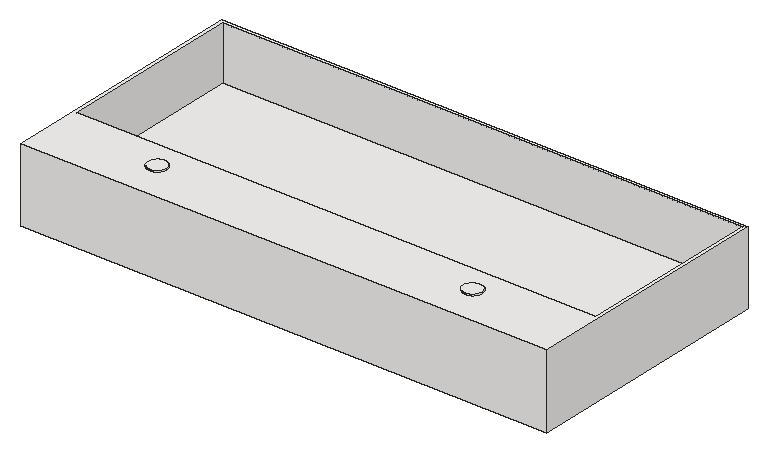
Revit family "Washbasins-hansgrohe-61110XXX-Xevolos E Washbasin 1000_480 with 2 tap holes without overflow, SmartClean", category Plumbing Fixtures, Revit 2019
Family settings
  Round Connector Dimension = Use Diameter
  Part Type = Valve - Breaks Into
  OmniClass Number = 23.31.13.00
  Work Plane-Based = No
  Always vertical = Yes
  Cut with Voids When Loaded = No
  Shared = Yes
  Room Calculation Point = No
Parameters (values of type "61110-61110450-GLOSSY_WHITE-200")
  X2 = 560
  X1 = 280
  WEIGHT = "24"
  UNSPSC = "301815 | Sanitary ware"
  UNIFORMATII = "D2010 | Plumbing Fixtures"
  UNICLASS_2015_CODE = "40_20_96"
  UNICLASS2015 = "Pr_40_20_96 | Wash basins, sinks and troughs"
  TYP = 1
  TAP = 2
  SURFACE = "GLOSSY_WHITE"
  SPECIFICATION = "Surfaces:  - 61110450 White   Specification:  • consists of: washbasin, waste set, cover  • material: ceramic  • SmartClean: dirt-repellent glaze • degree of gloss: glossy  • ceramic cover included • with 2 tap holes • without overflow • without shelf • non-closing waste set • 1000 x 480 mm • type of installation: wall mounted  • suitable for cabinet"
  REGION = "Worldwide"
  PRODUCTURL = "https://pro.hansgrohe.com/articledetail--61110450"
  PRODUCTGROUP = "Washbasins"
  PRODUCTFAMILY = "Xevolos E"
  PERMALINK = "61110XXX"
  OMNICLASS = "23-31 13 00 | Sinks"
  OBJECTTYPE = "Object (single object)"
  NN = "Xevolos Washbasin"
  NBSYN = "$BASENUMBER.-$ARTNR.-$SURFACE.-$LODLEVEL."
  NB = "61110-61110450-GLOSSY_WHITE-200"
  NAME = "Xevolos E Washbasin 1000/480 with 2 tap holes without overflow, SmartClean"
  Model = "61110-61110450-GLOSSY_WHITE-200"
  Manufacturer = "Hansgrohe"
  MIdent = "{$CADENAS_DATA/23d-libs/hansgrohe/xevolos_washbasin/xevolos_washbasin.prj},222 {VTYP=3D},{NB=61110-61110450-GLOSSY_WHITE-200},{LINA=61110-61110450-GLOSSY_WHITE-200},{NN=Xevolos Washbasin},{DATE=13.03.2023 11:34:45},{GEOMDATE=13.03.2023 11:34:00},{VERSION=},{LINEID=870},{WBVAR=LODLEVEL},{WBNUMERIC=}  {NB=61110-61110450-GLOSSY_WHITE-200},{LINA=61110-61110450-GLOSSY_WHITE-200},{KT=DUMMY},{IDNR=15},{ARTNR=61110450},{BASENUMBER=61110},{MODEL=61110XXX},{SURFACE=GLOSSY_WHITE},{LODLEVEL=200},{LODLEVELX='400','400','200','200'},{L=1000.000},{LI=750.000},{X1=280.000},{X2=560.000},{DO=46.000},{DOT=35.000},{TAP=2},{TYP=1},{NAME=Xevolos E Washbasin 1000/480 with 2 tap holes without overflow, SmartClean},{PERMALINK=61110XXX},{OBJECTTYPE=Object (single object)},{BIMOBJECT=Sanitary: Wash Basins},{PRODUCTFAMILY=Xevolos E},{PRODUCTGROUP=Washbasins},{WEIGHT=24},{DESCRIPTION=Xevolos E Washbasin 1000/480 with 2 tap holes without overflow, SmartClean},{SPECIFICATION=Surfaces:  - 61110450 White   Specification:  • consists of: washbasin, waste set, cover  • material: ceramic  • SmartClean: dirt-repellent glaze • degree of gloss: glossy  • ceramic cover included • with 2 tap holes • without overflow • without shelf • non-closing waste set • 1000 x 480 mm • type of installation: wall mounted  • suitable for cabinet},{PRODUCTURL=https://pro.hansgrohe.com/articledetail--61110450},{GTINCODE=4059625421093},{IFC=Sanitary Terminal},{ETIM=EC011550 | Washbasin},{UNICLASS2015=Pr_40_20_96 | Wash basins, sinks and troughs},{OMNICLASS=23-31 13 00 | Sinks},{MASTERFORMAT=22 41 16.13 | Residential Lavatories},{UNSPSC=301815 | Sanitary ware},{UNIFORMATII=D2010 | Plumbing Fixtures},{REGION=Worldwide},{DESIGN=Germany},{MANUFACTURER=Germany}"
  MASTERFORMAT = "22 41 16.13 | Residential Lavatories"
  LODLEVEL = "200"
  LINA = "61110-61110450-GLOSSY_WHITE-200"
  LI = 750
  L = 1000
  IFC = "Sanitary Terminal"
  GTINCODE = "4059625421093"
  ETIM = "EC011550 | Washbasin"
  DOT = 35
  DO = 46
  DESIGN = "Germany"
  CNSPipeRound/cp_Befestigungsanschluss_V = no
  CNSPipeRound/cp_Befestigungsanschluss_1_V = no
  CNSPipeRound/cp_Ausgang_1_V = no
  CATALOG = "Hansgrohe"
  BIMOBJECT = "Sanitary: Wash Basins"
  BASENUMBER = "61110"
  ARTNR = "61110450"
  61110-61110450-GLOSSY_WHITE-400_RX0RY0RZ0TX0TY0TZ0_V = no
  61110-61110450-GLOSSY_WHITE-200_RX0RY0RZ0TX0TY0TZ0_V = yes
Types (3, lengths in mm): name | NB | Model | MIdent | LODLEVEL | LINA | 61110-61110450-GLOSSY_WHITE-400_RX0RY0RZ0TX0TY0TZ0_V | 61110-61110450-GLOSSY_WHITE-200_RX0RY0RZ0TX0TY0TZ0_V
  (no name) | "61110-61110450-GLOSSY_WHITE-400" | "61110-61110450-GLOSSY_WHITE-400" | "{$CADENAS_DATA/23d-libs/hansgrohe/xevolos_washbasin/xevolos_washbasin.prj},222 {VTYP=3D},{NB=61110-61110450-GLOSSY_WHITE-400},{LINA=61110-61110450-GLOSSY_WHITE-400},{NN=Xevolos Washbasin},{DATE=13.03.2023 11:34:45},{GEOMDATE=13.03.2023 11:34:00},{VERSION=},{LINEID=870},{WBVAR=LODLEVEL},{WBNUMERIC=}  {NB=61110-61110450-GLOSSY_WHITE-400},{LINA=61110-61110450-GLOSSY_WHITE-400},{KT=DUMMY},{IDNR=15},{ARTNR=61110450},{BASENUMBER=61110},{MODEL=61110XXX},{SURFACE=GLOSSY_WHITE},{LODLEVEL=400},{LODLEVELX='400','400','200','200'},{L=1000.000},{LI=750.000},{X1=280.000},{X2=560.000},{DO=46.000},{DOT=35.000},{TAP=2},{TYP=1},{NAME=Xevolos E Washbasin 1000/480 with 2 tap holes without overflow, SmartClean},{PERMALINK=61110XXX},{OBJECTTYPE=Object (single object)},{BIMOBJECT=Sanitary: Wash Basins},{PRODUCTFAMILY=Xevolos E},{PRODUCTGROUP=Washbasins},{WEIGHT=24},{DESCRIPTION=Xevolos E Washbasin 1000/480 with 2 tap holes without overflow, SmartClean},{SPECIFICATION=Surfaces:  - 61110450 White   Specification:  • consists of: washbasin, waste set, cover  • material: ceramic  • SmartClean: dirt-repellent glaze • degree of gloss: glossy  • ceramic cover included • with 2 tap holes • without overflow • without shelf • non-closing waste set • 1000 x 480 mm • type of installation: wall mounted  • suitable for cabinet},{PRODUCTURL=https://pro.hansgrohe.com/articledetail--61110450},{GTINCODE=4059625421093},{IFC=Sanitary Terminal},{ETIM=EC011550 | Washbasin},{UNICLASS2015=Pr_40_20_96 | Wash basins, sinks and troughs},{OMNICLASS=23-31 13 00 | Sinks},{MASTERFORMAT=22 41 16.13 | Residential Lavatories},{UNSPSC=301815 | Sanitary ware},{UNIFORMATII=D2010 | Plumbing Fixtures},{REGION=Worldwide},{DESIGN=Germany},{MANUFACTURER=Germany}" | "400" | "61110-61110450-GLOSSY_WHITE-400" | yes | yes
  61110-61110450-GLOSSY_WHITE-200 | "61110-61110450-GLOSSY_WHITE-200" | "61110-61110450-GLOSSY_WHITE-200" | "{$CADENAS_DATA/23d-libs/hansgrohe/xevolos_washbasin/xevolos_washbasin.prj},222 {VTYP=3D},{NB=61110-61110450-GLOSSY_WHITE-200},{LINA=61110-61110450-GLOSSY_WHITE-200},{NN=Xevolos Washbasin},{DATE=13.03.2023 11:34:45},{GEOMDATE=13.03.2023 11:34:00},{VERSION=},{LINEID=870},{WBVAR=LODLEVEL},{WBNUMERIC=}  {NB=61110-61110450-GLOSSY_WHITE-200},{LINA=61110-61110450-GLOSSY_WHITE-200},{KT=DUMMY},{IDNR=15},{ARTNR=61110450},{BASENUMBER=61110},{MODEL=61110XXX},{SURFACE=GLOSSY_WHITE},{LODLEVEL=200},{LODLEVELX='400','400','200','200'},{L=1000.000},{LI=750.000},{X1=280.000},{X2=560.000},{DO=46.000},{DOT=35.000},{TAP=2},{TYP=1},{NAME=Xevolos E Washbasin 1000/480 with 2 tap holes without overflow, SmartClean},{PERMALINK=61110XXX},{OBJECTTYPE=Object (single object)},{BIMOBJECT=Sanitary: Wash Basins},{PRODUCTFAMILY=Xevolos E},{PRODUCTGROUP=Washbasins},{WEIGHT=24},{DESCRIPTION=Xevolos E Washbasin 1000/480 with 2 tap holes without overflow, SmartClean},{SPECIFICATION=Surfaces:  - 61110450 White   Specification:  • consists of: washbasin, waste set, cover  • material: ceramic  • SmartClean: dirt-repellent glaze • degree of gloss: glossy  • ceramic cover included • with 2 tap holes • without overflow • without shelf • non-closing waste set • 1000 x 480 mm • type of installation: wall mounted  • suitable for cabinet},{PRODUCTURL=https://pro.hansgrohe.com/articledetail--61110450},{GTINCODE=4059625421093},{IFC=Sanitary Terminal},{ETIM=EC011550 | Washbasin},{UNICLASS2015=Pr_40_20_96 | Wash basins, sinks and troughs},{OMNICLASS=23-31 13 00 | Sinks},{MASTERFORMAT=22 41 16.13 | Residential Lavatories},{UNSPSC=301815 | Sanitary ware},{UNIFORMATII=D2010 | Plumbing Fixtures},{REGION=Worldwide},{DESIGN=Germany},{MANUFACTURER=Germany}" | "200" | "61110-61110450-GLOSSY_WHITE-200" | no | yes
  61110-61110450-GLOSSY_WHITE-400 | "61110-61110450-GLOSSY_WHITE-400" | "61110-61110450-GLOSSY_WHITE-400" | "{$CADENAS_DATA/23d-libs/hansgrohe/xevolos_washbasin/xevolos_washbasin.prj},222 {VTYP=3D},{NB=61110-61110450-GLOSSY_WHITE-400},{LINA=61110-61110450-GLOSSY_WHITE-400},{NN=Xevolos Washbasin},{DATE=13.03.2023 11:34:45},{GEOMDATE=13.03.2023 11:34:00},{VERSION=},{LINEID=870},{WBVAR=LODLEVEL},{WBNUMERIC=}  {NB=61110-61110450-GLOSSY_WHITE-400},{LINA=61110-61110450-GLOSSY_WHITE-400},{KT=DUMMY},{IDNR=15},{ARTNR=61110450},{BASENUMBER=61110},{MODEL=61110XXX},{SURFACE=GLOSSY_WHITE},{LODLEVEL=400},{LODLEVELX='400','400','200','200'},{L=1000.000},{LI=750.000},{X1=280.000},{X2=560.000},{DO=46.000},{DOT=35.000},{TAP=2},{TYP=1},{NAME=Xevolos E Washbasin 1000/480 with 2 tap holes without overflow, SmartClean},{PERMALINK=61110XXX},{OBJECTTYPE=Object (single object)},{BIMOBJECT=Sanitary: Wash Basins},{PRODUCTFAMILY=Xevolos E},{PRODUCTGROUP=Washbasins},{WEIGHT=24},{DESCRIPTION=Xevolos E Washbasin 1000/480 with 2 tap holes without overflow, SmartClean},{SPECIFICATION=Surfaces:  - 61110450 White   Specification:  • consists of: washbasin, waste set, cover  • material: ceramic  • SmartClean: dirt-repellent glaze • degree of gloss: glossy  • ceramic cover included • with 2 tap holes • without overflow • without shelf • non-closing waste set • 1000 x 480 mm • type of installation: wall mounted  • suitable for cabinet},{PRODUCTURL=https://pro.hansgrohe.com/articledetail--61110450},{GTINCODE=4059625421093},{IFC=Sanitary Terminal},{ETIM=EC011550 | Washbasin},{UNICLASS2015=Pr_40_20_96 | Wash basins, sinks and troughs},{OMNICLASS=23-31 13 00 | Sinks},{MASTERFORMAT=22 41 16.13 | Residential Lavatories},{UNSPSC=301815 | Sanitary ware},{UNIFORMATII=D2010 | Plumbing Fixtures},{REGION=Worldwide},{DESIGN=Germany},{MANUFACTURER=Germany}" | "400" | "61110-61110450-GLOSSY_WHITE-400" | yes | no
Reference planes
  plane 1 "Center (Front/Back)": y = 0
  plane 2: z = 0
  plane 3 "Center (Left/Right)": x = 0
Dimensions and locks
  aligned and locked: level to plane 2
Nested families
  nested 1: "61110-61110450-glossy_white-200_content" at (0, 0, 0), visible <- "61110-61110450-GLOSSY_WHITE-200_RX0RY0RZ0TX0TY0TZ0_V", ContentVisible <- "61110-61110450-GLOSSY_WHITE-200_RX0RY0RZ0TX0TY0TZ0_V", type "61110-61110450-GLOSSY_WHITE-200_Content"
    with ContentVisible yes
  nested 2: "61110-61110450-glossy_white-400_content" at (0, 0, 0), visible <- "61110-61110450-GLOSSY_WHITE-400_RX0RY0RZ0TX0TY0TZ0_V", ContentVisible <- "61110-61110450-GLOSSY_WHITE-400_RX0RY0RZ0TX0TY0TZ0_V", type "61110-61110450-GLOSSY_WHITE-400_Content"
    with ContentVisible no
  nested 3: "ConnectorHost2019" at (-300, -220, 0), visible <- "CNSPipeRound/cp_Ausgang_1_V", type "ConnectorHost2019"
    with Visible no, TransZ 0 mm, TransY 220 mm, TransX 300 mm, ScaleZ 1 mm, ScaleY 1 mm, ScaleX 1 mm, RotZ 180.00°, RotY 360.00°, RotX 180.00°
  nested 4: "ConnectorHost2019" at (-301, -220, 0), visible <- "CNSPipeRound/cp_Befestigungsanschluss_V", type "ConnectorHost2019"
    with Visible no, TransZ 147 mm, TransY 0 mm, TransX 1 mm, ScaleZ 1 mm, ScaleY 1 mm, ScaleX 1 mm, RotZ 180.00°, RotY 360.00°, RotX 360.00°
  nested 5: "ConnectorHost2019" at (-302, -220, 0), visible <- "CNSPipeRound/cp_Befestigungsanschluss_1_V", type "ConnectorHost2019"
    with Visible no, TransZ 147 mm, TransY 0 mm, TransX 602 mm, ScaleZ 1 mm, ScaleY 1 mm, ScaleX 1 mm, RotZ 180.00°, RotY 360.00°, RotX 360.00°
Connectors
  piping at (0, 0, 0), diameter 46
    settings: on nested 3, index 1, connector inside diameter 609.6 mm, connector length 0 mm, flow factor 0, pipe flow 0.0 L/s, pressure drop 0.0 Pa, fitting loss kfactor 0, connector angle 0.00°, fixture units 0, engagement length 0 mm, angle of deflection 0.00°, flow configuration 0, flow direction 2, fitting loss method 0, system type 29, joint type 0, gender type 0, connector reference index -1, connector utility 0, adjustable connector no, is connector primary yes, connector description ""
  piping at (-300, -220, 147), diameter 35
    settings: on nested 4, index 2, connector inside diameter 609.6 mm, connector length 0 mm, flow factor 0, pipe flow 0.0 L/s, pressure drop 0.0 Pa, fitting loss kfactor 0, connector angle 0.00°, fixture units 0, engagement length 0 mm, angle of deflection 0.00°, flow configuration 0, flow direction 2, fitting loss method 0, system type 29, joint type 0, gender type 0, connector reference index -1, connector utility 0, adjustable connector no, is connector primary no, connector description ""
  piping at (300, -220, 147), diameter 35
    settings: on nested 5, index 3, connector inside diameter 609.6 mm, connector length 0 mm, flow factor 0, pipe flow 0.0 L/s, pressure drop 0.0 Pa, fitting loss kfactor 0, connector angle 0.00°, fixture units 0, engagement length 0 mm, angle of deflection 0.00°, flow configuration 0, flow direction 2, fitting loss method 0, system type 29, joint type 0, gender type 0, connector reference index -1, connector utility 0, adjustable connector no, is connector primary no, connector description ""
Definition of nested family "61110-61110450-glossy_white-200_content"
  Parameters (values of type "61110-61110450-GLOSSY_WHITE-200_Content")
    X2 = 560
    X1 = 280
    WEIGHT = "24"
    UNSPSC = "301815 | Sanitary ware"
    UNIFORMATII = "D2010 | Plumbing Fixtures"
    UNICLASS_2015_CODE = "40_20_96"
    UNICLASS2015 = "Pr_40_20_96 | Wash basins, sinks and troughs"
    TYP = 1
    TAP = 2
    SURFACE = "GLOSSY_WHITE"
    SPECIFICATION = "Surfaces:  - 61110450 White   Specification:  • consists of: washbasin, waste set, cover  • material: ceramic  • SmartClean: dirt-repellent glaze • degree of gloss: glossy  • ceramic cover included • with 2 tap holes • without overflow • without shelf • non-closing waste set • 1000 x 480 mm • type of installation: wall mounted  • suitable for cabinet"
    REGION = "Worldwide"
    PRODUCTURL = "https://pro.hansgrohe.com/articledetail--61110450"
    PRODUCTGROUP = "Washbasins"
    PRODUCTFAMILY = "Xevolos E"
    PERMALINK = "61110XXX"
    OMNICLASS = "23-31 13 00 | Sinks"
    OBJECTTYPE = "Object (single object)"
    NN = "Xevolos Washbasin"
    NBSYN = "$BASENUMBER.-$ARTNR.-$SURFACE.-$LODLEVEL."
    NB = "61110-61110450-GLOSSY_WHITE-200"
    NAME = "Xevolos E Washbasin 1000/480 with 2 tap holes without overflow, SmartClean"
    Model = "61110-61110450-GLOSSY_WHITE-200"
    Manufacturer = "Hansgrohe"
    MASTERFORMAT = "22 41 16.13 | Residential Lavatories"
    LODLEVEL = "200"
    LINA = "61110-61110450-GLOSSY_WHITE-200"
    LI = 750
    L = 1000
    IFC = "Sanitary Terminal"
    GTINCODE = "4059625421093"
    ETIM = "EC011550 | Washbasin"
    Default Elevation = 1219.2 mm
    DOT = 35
    DO = 46
    DESIGN = "Germany"
    ContentVisible [instance] = yes
    CATALOG = "Hansgrohe"
    BIMOBJECT = "Sanitary: Wash Basins"
    BASENUMBER = "61110"
    ARTNR = "61110450"
  Reference planes
    plane 1 "Center (Front/Back)": y = 0
    plane 2: z = 0
    plane 3 "Center (Left/Right)": x = 0
  Forms (mm)
    Extrusion 1, solid, visible <- "ContentVisible", detail levels medium+fine
      sketch origin (0, -295, 147) x (-1, 0, 0) y (0, -1, 0)
        loop
          line (-500, -480) -> (500, -480) -> (500, 0) -> (-500, 0) -> (-500, -480)
      from -140 to 0
    Extrusion 2, void, detail levels medium+fine
      sketch origin (0, -295, 147) x (-1, 0, 0) y (0, -1, 0)
        loop
          line (-494, -126) -> (-494, -474) -> (494, -474) -> (494, -126) -> (-494, -126)
      from -102.5 to 0
    Extrusion 3, solid, visible <- "ContentVisible", detail levels medium+fine
      sketch origin (0, -295, 147) x (-1, 0, 0) y (0, -1, 0)
        loop
          circle (300, -75) r 17.5
      from -1.5 to 1.5
    Extrusion 4, solid, visible <- "ContentVisible", detail levels medium+fine
      sketch origin (0, -295, 147) x (-1, 0, 0) y (0, -1, 0)
        loop
          circle (-300, -75) r 17.5
      from -1.5 to 1.5
    Extrusion 5, solid, visible <- "ContentVisible", detail levels medium+fine
      sketch origin (0, -295, 7) x (-1, 0, 0) y (0, -1, 0)
        loop
          circle (0, -295) r 34
      from -10 to 0
    Extrusion 6, solid, visible <- "ContentVisible", detail levels coarse
      sketch origin (0, -55, -3) x (1, 0, 0) y (0, 1, 0)
        loop
          line (-500, -240) -> (500, -240) -> (500, 240) -> (-500, 240) -> (-500, -240)
      from 0 to 151.5
  Cuts and joins
    Extrusion 2 cuts Extrusion 1
  Dimensions and locks
    aligned and locked: level to plane 2
Definition of nested family "61110-61110450-glossy_white-400_content"
  Parameters (values of type "61110-61110450-GLOSSY_WHITE-400_Content")
    X2 = 560
    X1 = 280
    WEIGHT = "24"
    UNSPSC = "301815 | Sanitary ware"
    UNIFORMATII = "D2010 | Plumbing Fixtures"
    UNICLASS_2015_CODE = "40_20_96"
    UNICLASS2015 = "Pr_40_20_96 | Wash basins, sinks and troughs"
    TYP = 1
    TAP = 2
    SURFACE = "GLOSSY_WHITE"
    SPECIFICATION = "Surfaces:  - 61110450 White   Specification:  • consists of: washbasin, waste set, cover  • material: ceramic  • SmartClean: dirt-repellent glaze • degree of gloss: glossy  • ceramic cover included • with 2 tap holes • without overflow • without shelf • non-closing waste set • 1000 x 480 mm • type of installation: wall mounted  • suitable for cabinet"
    REGION = "Worldwide"
    PRODUCTURL = "https://pro.hansgrohe.com/articledetail--61110450"
    PRODUCTGROUP = "Washbasins"
    PRODUCTFAMILY = "Xevolos E"
    PERMALINK = "61110XXX"
    OMNICLASS = "23-31 13 00 | Sinks"
    OBJECTTYPE = "Object (single object)"
    NN = "Xevolos Washbasin"
    NBSYN = "$BASENUMBER.-$ARTNR.-$SURFACE.-$LODLEVEL."
    NB = "61110-61110450-GLOSSY_WHITE-400"
    NAME = "Xevolos E Washbasin 1000/480 with 2 tap holes without overflow, SmartClean"
    Model = "61110-61110450-GLOSSY_WHITE-400"
    Manufacturer = "Hansgrohe"
    MASTERFORMAT = "22 41 16.13 | Residential Lavatories"
    LODLEVEL = "400"
    LINA = "61110-61110450-GLOSSY_WHITE-400"
    LI = 750
    L = 1000
    IFC = "Sanitary Terminal"
    GTINCODE = "4059625421093"
    ETIM = "EC011550 | Washbasin"
    Default Elevation = 1219.2 mm
    DOT = 35
    DO = 46
    DESIGN = "Germany"
    ContentVisible [instance] = yes
    CATALOG = "Hansgrohe"
    BIMOBJECT = "Sanitary: Wash Basins"
    BASENUMBER = "61110"
    ARTNR = "61110450"
  Reference planes
    plane 1 "Center (Front/Back)": y = 0
    plane 2: z = 0
    plane 3 "Center (Left/Right)": x = 0
  Forms (mm)
    Extrusion 1, solid, visible <- "ContentVisible", detail levels medium+fine
      sketch origin (0, -295, 7) x (0, 0, -1) y (0, -1, 0)
        loop
          line (-140, -474) -> (-121, -474) -> (-62.906, -440.46)
          arc (-62.906, -440.46) -> (-37.353, -414.906) -> (-28, -380) r 69.813
          line (-28, -380) -> (-37.5, -380)
          arc (-37.5, -380) -> (-45.58, -410.156) -> (-67.656, -432.232) r 60.313
          line (-67.656, -432.232) -> (-140, -474)
      from -395 to 395
    Revolve 2, solid, visible <- "ContentVisible", detail levels medium+fine
      sketch origin (-395, -295, 7) x (0, 0, -1) y (0, -1, 0)
        loop
          line (-140, -474) -> (-121, -474) -> (-62.906, -440.46)
          arc (-62.906, -440.46) -> (-37.353, -414.906) -> (-28, -380) r 69.813
          line (-28, -380) -> (-37.5, -380)
          arc (-37.5, -380) -> (-45.58, -410.156) -> (-67.656, -432.232) r 60.313
          line (-67.656, -432.232) -> (-140, -474)
        axis (-140, -375) -> (-28, -375)
      angle from -90 to 0
    Extrusion 3, solid, visible <- "ContentVisible", detail levels medium+fine
      sketch origin (0, -70, 7) x (-1, 0, 0) y (0, 0, -1)
        loop
          line (400, -28) -> (400, -37.5)
          arc (400, -37.5) -> (430.156, -45.58) -> (452.232, -67.656) r 60.313
          line (452.232, -67.656) -> (494, -140) -> (494, -121) -> (460.46, -62.906)
          arc (460.46, -62.906) -> (434.906, -37.353) -> (400, -28) r 69.813
      from -150 to 0
    Revolve 4, solid, visible <- "ContentVisible", detail levels medium+fine
      sketch origin (-395, -295, 7) x (0, 0, -1) y (0, -1, 0)
        loop
          line (-140, -126) -> (-67.656, -167.768)
          arc (-67.656, -167.768) -> (-45.58, -189.844) -> (-37.5, -220) r 60.313
          line (-37.5, -220) -> (-28, -220)
          arc (-28, -220) -> (-37.353, -185.094) -> (-62.906, -159.54) r 69.813
          line (-62.906, -159.54) -> (-121, -126) -> (-140, -126)
        axis (-28, -225) -> (-140, -225)
      angle from -90 to 0
    Extrusion 5, solid, visible <- "ContentVisible", detail levels medium+fine
      sketch origin (0, -295, 7) x (0, 0, -1) y (0, -1, 0)
        loop
          line (-140, -126) -> (-67.656, -167.768)
          arc (-67.656, -167.768) -> (-45.58, -189.844) -> (-37.5, -220) r 60.313
          line (-37.5, -220) -> (-28, -220)
          arc (-28, -220) -> (-37.353, -185.094) -> (-62.906, -159.54) r 69.813
          line (-62.906, -159.54) -> (-121, -126) -> (-140, -126)
      from -395 to 395
    Revolve 6, solid, visible <- "ContentVisible", detail levels medium+fine
      sketch origin (395, -295, 7) x (0, 0, -1) y (0, -1, 0)
        loop
          line (-140, -126) -> (-67.656, -167.768)
          arc (-67.656, -167.768) -> (-45.58, -189.844) -> (-37.5, -220) r 60.313
          line (-37.5, -220) -> (-28, -220)
          arc (-28, -220) -> (-37.353, -185.094) -> (-62.906, -159.54) r 69.813
          line (-62.906, -159.54) -> (-121, -126) -> (-140, -126)
        axis (-28, -225) -> (-140, -225)
      angle from 0 to 90
    Extrusion 7, solid, visible <- "ContentVisible", detail levels medium+fine
      sketch origin (0, -70, 7) x (-1, 0, 0) y (0, 0, -1)
        loop
          line (-494, -121) -> (-494, -140) -> (-452.232, -67.656)
          arc (-452.232, -67.656) -> (-430.156, -45.58) -> (-400, -37.5) r 60.313
          line (-400, -37.5) -> (-400, -28)
          arc (-400, -28) -> (-434.906, -37.353) -> (-460.46, -62.906) r 69.813
          line (-460.46, -62.906) -> (-494, -121)
      from -150 to 0
    Revolve 8, solid, visible <- "ContentVisible", detail levels medium+fine
      sketch origin (395, -295, 7) x (0, 0, -1) y (0, -1, 0)
        loop
          line (-140, -474) -> (-121, -474) -> (-62.906, -440.46)
          arc (-62.906, -440.46) -> (-37.353, -414.906) -> (-28, -380) r 69.813
          line (-28, -380) -> (-37.5, -380)
          arc (-37.5, -380) -> (-45.58, -410.156) -> (-67.656, -432.232) r 60.313
          line (-67.656, -432.232) -> (-140, -474)
        axis (-140, -375) -> (-28, -375)
      angle from 0 to 90
    Extrusion 9, solid, visible <- "ContentVisible", detail levels medium+fine
      sketch origin (0, -295, 35) x (-1, 0, 0) y (0, -1, 0)
        loop
          line (-400, -225) -> (-400, -375)
          arc (-400, -375) -> (-398.536, -378.536) -> (-395, -380) r 5
          line (-395, -380) -> (395, -380)
          arc (395, -380) -> (398.536, -378.536) -> (400, -375) r 5
          line (400, -375) -> (400, -225)
          arc (400, -225) -> (398.536, -221.464) -> (395, -220) r 5
          line (395, -220) -> (-395, -220)
          arc (-395, -220) -> (-398.536, -221.464) -> (-400, -225) r 5
        loop
          line (-60, -252.5) -> (-60, -337.5) -> (60, -337.5) -> (60, -252.5) -> (-60, -252.5)
      from 0 to 9.5
    Extrusion 10, solid, visible <- "ContentVisible", detail levels medium+fine
      sketch origin (0, -295, 147) x (-1, 0, 0) y (0, -1, 0)
        loop
          line (-500, -480) -> (500, -480) -> (500, 0) -> (-500, 0) -> (-500, -480)
        loop
          line (-494, -226) -> (-494, -374)
          arc (-494, -374) -> (-464.711, -444.711) -> (-394, -474) r 100
          line (-394, -474) -> (394, -474)
          arc (394, -474) -> (464.711, -444.711) -> (494, -374) r 100
          line (494, -374) -> (494, -226)
          arc (494, -226) -> (464.711, -155.289) -> (394, -126) r 100
          line (394, -126) -> (-394, -126)
          arc (-394, -126) -> (-464.711, -155.289) -> (-494, -226) r 100
      from -13 to 0
    Extrusion 11, solid, visible <- "ContentVisible", detail levels medium+fine
      sketch origin (0, -295, 134) x (-1, 0, 0) y (0, -1, 0)
        loop
          line (-500, -480) -> (500, -480) -> (500, 0) -> (490, 0) -> (490, -470) -> (-490, -470) -> (-490, 0) -> (-500, 0) -> (-500, -480)
      from -127 to 0
    Extrusion 12, solid, visible <- "ContentVisible", detail levels medium+fine
      sketch origin (0, -295, 17) x (-1, 0, 0) y (0, -1, 0)
        loop
          line (-490, -35) -> (-490, -470) -> (490, -470) -> (490, -35) -> (450, -35) -> (450, -380)
          arc (450, -380) -> (435.355, -415.355) -> (400, -430) r 50
          line (400, -430) -> (-400, -430)
          arc (-400, -430) -> (-435.355, -415.355) -> (-450, -380) r 50
          line (-450, -380) -> (-450, -35) -> (-490, -35)
      from 0 to 50
    Extrusion 13, solid, visible <- "ContentVisible", detail levels medium+fine
      sketch origin (0, -295, 7) x (-1, 0, 0) y (0, 0, -1)
        loop
          line (-490, -10) -> (-490, -127) -> (490, -127) -> (490, -10) -> (278.554, -10)
          arc (278.554, -10) -> (272.818, -8.192) -> (269.157, -3.42) r 10
          line (269.157, -3.42) -> (267.395, 1.42)
          arc (267.395, 1.42) -> (263.734, 6.192) -> (257.998, 8) r 10
          line (257.998, 8) -> (65, 8) -> (59.299, -4.226)
          arc (59.299, -4.226) -> (55.609, -8.434) -> (50.236, -10) r 10
          line (50.236, -10) -> (-50.236, -10)
          arc (-50.236, -10) -> (-55.609, -8.434) -> (-59.299, -4.226) r 10
          line (-59.299, -4.226) -> (-65, 8) -> (-257.998, 8)
          arc (-257.998, 8) -> (-263.734, 6.192) -> (-267.395, 1.42) r 10
          line (-267.395, 1.42) -> (-269.157, -3.42)
          arc (-269.157, -3.42) -> (-272.818, -8.192) -> (-278.554, -10) r 10
          line (-278.554, -10) -> (-490, -10)
      from -35 to 0
    Extrusion 14, solid, visible <- "ContentVisible", detail levels medium+fine
      sketch origin (-375, -295, 7) x (0, 0, -1) y (0, -1, 0)
        loop
          line (-127, -35) -> (-127, -127.732) -> (-65.156, -163.437)
          arc (-65.156, -163.437) -> (-41.25, -187.344) -> (-32.5, -220) r 65.313
          line (-32.5, -220) -> (-32.5, -380)
          arc (-32.5, -380) -> (-39.303, -409.023) -> (-58.294, -432) r 65.313
          line (-58.294, -432) -> (-30.544, -432) -> (-10, -40) -> (-10, -35) -> (-127, -35)
      from 0 to 85
    Extrusion 15, solid, visible <- "ContentVisible", detail levels medium+fine
      sketch origin (375, -295, 7) x (0, 0, -1) y (0, -1, 0)
        loop
          line (-127, -35) -> (-127, -127.732) -> (-65.156, -163.437)
          arc (-65.156, -163.437) -> (-41.25, -187.344) -> (-32.5, -220) r 65.313
          line (-32.5, -220) -> (-32.5, -380)
          arc (-32.5, -380) -> (-39.303, -409.023) -> (-58.294, -432) r 65.313
          line (-58.294, -432) -> (-30.544, -432) -> (-10, -40) -> (-10, -35) -> (-127, -35)
      from -85 to 0
    Extrusion 16, solid, visible <- "ContentVisible", detail levels medium+fine
      sketch origin (0, -295, 17) x (-1, 0, 0) y (0, -1, 0)
        loop
          line (-72, -261.5) -> (-72, -328.5)
          arc (-72, -328.5) -> (-65.703, -343.703) -> (-50.5, -350) r 21.5
          line (-50.5, -350) -> (50.5, -350)
          arc (50.5, -350) -> (65.703, -343.703) -> (72, -328.5) r 21.5
          line (72, -328.5) -> (72, -261.5)
          arc (72, -261.5) -> (65.703, -246.297) -> (50.5, -240) r 21.5
          line (50.5, -240) -> (-50.5, -240)
          arc (-50.5, -240) -> (-65.703, -246.297) -> (-72, -261.5) r 21.5
      from 0 to 18
    Revolve 17, solid, visible <- "ContentVisible", detail levels medium+fine
      sketch origin (0, 0, 7) x (-1, 0, 0) y (0, 0, -1)
        loop
          line (23, -4.5) -> (42.5, -27.441) -> (42.5, -10) -> (34, 0) -> (34, 7) -> (23, 7) -> (23, -4.5)
        axis (0, -27.441) -> (0, 7)
      angle from -360 to 0
    Extrusion 18, solid, visible <- "ContentVisible", detail levels medium+fine
      sketch origin (0, -295, -3) x (-1, 0, 0) y (0, -1, 0)
        loop
          circle (0, -295) r 7.5
      from 0 to 41
    Extrusion 19, solid, visible <- "ContentVisible", detail levels medium+fine
      sketch origin (0, -295, 38) x (-1, 0, 0) y (0, -1, 0)
        loop
          circle (0, -295) r 32.5
      from 0 to 2
    Extrusion 20, solid, visible <- "ContentVisible", detail levels medium+fine
      sketch origin (0, 0, 7) x (-1, 0, 0) y (0, 0, -1)
        loop
          arc (-54.85, -33) -> (-57.5, -35.65) -> (-54.85, -38.3) r 2.65
          arc (-54.85, -38.3) -> (0, -43.036) -> (54.85, -38.3) r 320
          arc (54.85, -38.3) -> (57.5, -35.65) -> (54.85, -33) r 2.65
          line (54.85, -33) -> (-54.85, -33)
      from -40 to 40
    Extrusion 21, void, detail levels medium+fine
      sketch origin (0, -295, 133) x (-1, 0, 0) y (0, -1, 0)
        loop
          circle (300, -75) r 17.5
      from 0 to 15
    Extrusion 22, void, detail levels medium+fine
      sketch origin (0, -295, 133) x (-1, 0, 0) y (0, -1, 0)
        loop
          circle (-300, -75) r 17.5
      from 0 to 15
    Extrusion 23, void, detail levels medium+fine
      sketch origin (0, -295, 7) x (-1, 0, 0) y (0, 0, -1)
        loop
          circle (140, -83) r 8
      from -30 to 30
    Extrusion 24, void, detail levels medium+fine
      sketch origin (0, -295, 7) x (-1, 0, 0) y (0, 0, -1)
        loop
          circle (-140, -83) r 8
      from -30 to 30
    Extrusion 25, void, detail levels medium+fine
      sketch origin (0, -295, 7) x (-1, 0, 0) y (0, 0, -1)
        loop
          circle (280, -83) r 8
      from -30 to 30
    Extrusion 26, void, detail levels medium+fine
      sketch origin (0, -295, 7) x (-1, 0, 0) y (0, 0, -1)
        loop
          circle (-280, -83) r 8
      from -30 to 30
    Extrusion 27, solid, visible <- "ContentVisible", detail levels coarse
      sketch origin (0, -55, -3) x (1, 0, 0) y (0, 1, 0)
        loop
          line (-500, -240) -> (500, -240) -> (500, 240) -> (-500, 240) -> (-500, -240)
      from 0 to 150
  Cuts and joins
    Extrusion 21, Extrusion 22, Extrusion 23, Extrusion 24, Extrusion 25, Extrusion 26 cuts Extrusion 1
    Extrusion 21, Extrusion 22, Extrusion 23, Extrusion 24, Extrusion 25, Extrusion 26 cuts Revolve 2
    Extrusion 21, Extrusion 22, Extrusion 23, Extrusion 24, Extrusion 25, Extrusion 26 cuts Extrusion 3
    Extrusion 21, Extrusion 22, Extrusion 23, Extrusion 24, Extrusion 25, Extrusion 26 cuts Revolve 4
    Extrusion 21, Extrusion 22, Extrusion 23, Extrusion 24, Extrusion 25, Extrusion 26 cuts Extrusion 5
    Extrusion 21, Extrusion 22, Extrusion 23, Extrusion 24, Extrusion 25, Extrusion 26 cuts Revolve 6
    Extrusion 21, Extrusion 22, Extrusion 23, Extrusion 24, Extrusion 25, Extrusion 26 cuts Extrusion 7
    Extrusion 21, Extrusion 22, Extrusion 23, Extrusion 24, Extrusion 25, Extrusion 26 cuts Revolve 8
    Extrusion 21, Extrusion 22, Extrusion 23, Extrusion 24, Extrusion 25, Extrusion 26 cuts Extrusion 9
    Extrusion 21, Extrusion 22, Extrusion 23, Extrusion 24, Extrusion 25, Extrusion 26 cuts Extrusion 10
    Extrusion 21, Extrusion 22, Extrusion 23, Extrusion 24, Extrusion 25, Extrusion 26 cuts Extrusion 11
    Extrusion 21, Extrusion 22, Extrusion 23, Extrusion 24, Extrusion 25, Extrusion 26 cuts Extrusion 12
    Extrusion 21, Extrusion 22, Extrusion 23, Extrusion 24, Extrusion 25, Extrusion 26 cuts Extrusion 13
    Extrusion 21, Extrusion 22, Extrusion 23, Extrusion 24, Extrusion 25, Extrusion 26 cuts Extrusion 14
    Extrusion 21, Extrusion 22, Extrusion 23, Extrusion 24, Extrusion 25, Extrusion 26 cuts Extrusion 15
    Extrusion 21, Extrusion 22, Extrusion 23, Extrusion 24, Extrusion 25, Extrusion 26 cuts Extrusion 16
    Extrusion 21, Extrusion 22, Extrusion 23, Extrusion 24, Extrusion 25, Extrusion 26 cuts Revolve 17
    Extrusion 21, Extrusion 22, Extrusion 23, Extrusion 24, Extrusion 25, Extrusion 26 cuts Extrusion 18
    Extrusion 21, Extrusion 22, Extrusion 23, Extrusion 24, Extrusion 25, Extrusion 26 cuts Extrusion 19
    Extrusion 21, Extrusion 22, Extrusion 23, Extrusion 24, Extrusion 25, Extrusion 26 cuts Extrusion 20
  Dimensions and locks
    aligned and locked: level to plane 2
